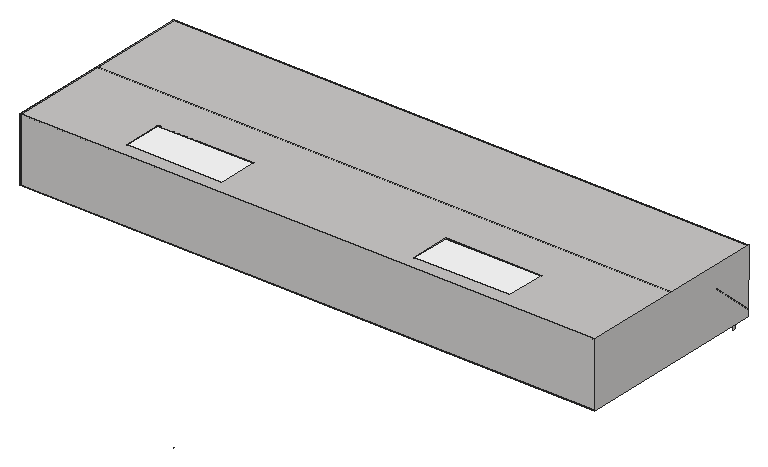
Revit family "QF_ELECTROLUXPROFESSIONAL_640194_EPF1236", category Specialty Equipment, Revit 2014
Reference planes
  plane 1: z = 0
  plane 2 "Center (Left/Right)": x = 150
  plane 3 "LEFT": x = -1650
  plane 4 "RIGHT": x = 1950
  plane 5 "BACK": y = 550
  plane 6 "TOP": z = 2400
  plane 7 "Base": z = 2000
  plane 8: z = 1970
  plane 9 "DrainY": y = 450
  plane 10: x = -1647
  plane 11: y = -320
  plane 12: y = -570
  plane 13 "DrainX": x = 1937
  plane 14 "AOLeft2": x = -450
  plane 15 "AORight1": x = 750
  plane 16: x = 1947
  plane 17: x = -1450
  plane 18: x = 1750
  plane 19 "Center (Front/Back)": y = -50
  plane 20 "Front": y = -650
  plane 21: through (0, -49.6, 2399.19) normal (0, -0.5736, 0.8192)
  plane 22: x = 50
  plane 23: x = 250
  plane 24 "AOLeft1": x = -1050
  plane 25 "AORight2": x = 1350
Forms (mm)
  Extrusion 1, solid, material "QF_Finishes_Stainless Steel"
    sketch origin (-1650, 0, 360) x (0, 1, 0) y (0, 0, 1)
      loop
        line (550, 1640) -> (550, 2040) -> (-650, 2040) -> (-650, 1640) -> (550, 1640)
    from 0 to 3
  Extrusion 2, solid, material "QF_Finishes_Stainless Steel"
    sketch origin (1950, 0, 360) x (0, 1, 0) y (0, 0, 1)
      loop
        line (550, 1640) -> (550, 2040) -> (-650, 2040) -> (-650, 1640) -> (550, 1640)
    from 0 to -3
  Extrusion 3, solid, material "QF_Finishes_Stainless Steel"
    sketch origin (150, 0, 360) x (0, 1, 0) y (0, 0, 1)
      loop
        line (-650, 2040) -> (-650, 1640) -> (-640, 1640) -> (-640, 1640.8) -> (-649.2, 1640.8) -> (-649.2, 2039.19) -> (549.2, 2039.19) -> (549.2, 1640.8) -> (540, 1640.8) -> (540, 1640) -> (550, 1640) -> (550, 2040) -> (-650, 2040)
    from -1800 to 1800
  Extrusion 4, solid, material "QF_Finishes_Stainless Steel"
    sketch origin (0, 0, 2000) x (0, 1, 0) y (-1, 0, 0)
      loop
        circle (450, -1937) r 4.763
    from -30 to 0
  Extrusion 5, void
    sketch origin (0, 0, 2400) x (0, 1, 0) y (-1, 0, 0)
      loop
        line (-320, 450) -> (-320, 1050) -> (-570, 1050) -> (-570, 450) -> (-320, 450)
    from 0 to -10
  Extrusion 6, solid, material "QF_Finishes_Stainless Steel"
    sketch origin (0, 0, 0) x (1, 0, 0) y (0, 1, 0)
      loop
        line (-1650, 550) -> (-1650, 549) -> (-1649, 549) -> (-1649, 550) -> (-1650, 550)
    from 0 to 1
  Extrusion 7, solid, material "QF_Finishes_Stainless Steel"
    sketch origin (150, 0, 360) x (0, 1, 0) y (0, 0, 1)
      loop
        line (-131.515, 1981.832) -> (-134.381, 1985.926) -> (-573.276, 1678.608) -> (-570.553, 1674.415) -> (-131.515, 1981.832)
    from -1600 to -1797
  Extrusion 8, solid, material "QF_Finishes_Stainless Steel"
    sketch origin (150, 0, 360) x (0, 1, 0) y (0, 0, 1)
      loop
        line (-650, 2039.19) -> (-650, 1640) -> (-619.702, 1640) -> (-570.553, 1674.415) -> (-578.723, 1686.995) -> (-579.394, 1686.559) -> (-571.645, 1674.627) -> (-619.955, 1640.8) -> (-649.2, 1640.8) -> (-649.2, 2039.19) -> (-650, 2039.19)
      loop
        line (-49.6, 2039.19) -> (-50.995, 2039.19) -> (-131.319, 1982.947) -> (-139.464, 1994.578) -> (-140.119, 1994.12) -> (-131.515, 1981.832) -> (-49.6, 2039.19)
    from -1797 to 1797
  Extrusion 9, solid, material "QF_Finishes_Stainless Steel"
    sketch origin (150, 0, 360) x (0, 1, 0) y (0, 0, 1)
      loop
        line (-131.515, 1981.832) -> (-134.381, 1985.926) -> (-573.276, 1678.608) -> (-570.553, 1674.415) -> (-131.515, 1981.832)
    from 1797 to 1600
  Extrusion 10, solid, material "QF_Finishes_Stainless Steel"
    sketch origin (150, 0, 360) x (0, 1, 0) y (0, 0, 1)
      loop
        line (-131.515, 1981.832) -> (-134.381, 1985.926) -> (-573.276, 1678.608) -> (-570.553, 1674.415) -> (-131.515, 1981.832)
    from -100 to 100
  Extrusion 11, solid, material "QF_Finished_Chrome"
    sketch origin (150, 0, 360) x (0, 1, 0) y (0, 0, 1)
      loop
        line (-131.515, 1981.832) -> (-134.381, 1985.926) -> (-573.276, 1678.608) -> (-570.553, 1674.415) -> (-131.515, 1981.832)
    from -1600 to -100
  Extrusion 12, solid, material "QF_Finished_Chrome"
    sketch origin (150, 0, 360) x (0, 1, 0) y (0, 0, 1)
      loop
        line (-131.515, 1981.832) -> (-134.381, 1985.926) -> (-573.276, 1678.608) -> (-570.553, 1674.415) -> (-131.515, 1981.832)
    from 100 to 1600
  Sweep 13, solid, material "QF_Finishes_Stainless Steel"
    path origin (0, 0, 0) x (1, 0, 0) y (0, 1, 0)
      loop
        line (1950, 550) -> (-1650, 550) -> (-1650, -650) -> (1950, -650) -> (1950, 550)
    profile origin (1950, -50, 0) x (1, 0, 0) y (0, 0, 1)
      loop
        line (-3, 2000) -> (-3, 2000.8) -> (-19, 2000.8) -> (-19, 2010) -> (-20, 2010) -> (-20, 2000) -> (-3, 2000)
  Extrusion 14, solid, material "QF_Finishes_Stainless Steel"
    sketch origin (150, 0, 0) x (0, 1, 0) y (0, 0, 1)
      loop
        line (549.2, 2040.8) -> (549.2, 2041.877) -> (289.521, 2275.693) -> (-43.438, 2399.19) -> (-45.739, 2399.19) -> (289.099, 2274.996) -> (549.2, 2040.8)
    from -1797 to 1797
  Extrusion 15, void
    sketch origin (1134.605, 0, 2400) x (0, 1, 0) y (-1, 0, 0)
      loop
        line (-320, -215.395) -> (-320, 384.605) -> (-570, 384.605) -> (-570, -215.395) -> (-320, -215.395)
    from 0 to -10
Cuts and joins
  Extrusion 5, Extrusion 15 cuts Extrusion 3
  joined: Extrusion 2, Extrusion 3, Sweep 13
Lines and regions (mm)
  symbolic lines, style "SpecialityEquipment", detail levels coarse
    curve 1: line (1950, 550, 2400) -> (-1650, 550, 2400)
    curve 2: line (-1650, 550, 2400) -> (-1650, -650, 2400)
    curve 3: line (1950, -650, 2400) -> (1950, 550, 2400)
    curve 4: line (-1650, 550, 0) -> (1950, -650, 0)
    curve 5: line (1950, 550, 0) -> (-1650, -650, 0)
    curve 6: line (-1650, -650, 0) -> (1950, -650, 0)
    curve 7: line (-450, -320, 0) -> (-1050, -320, 0)
    curve 8: line (-450, -570, 0) -> (-450, -320, 0)
    curve 9: line (-1050, -570, 0) -> (-450, -570, 0)
    curve 10: line (-1050, -320, 0) -> (-1050, -570, 0)
    curve 11: line (750, -320, 0) -> (750, -570, 0)
    curve 12: line (1350, -320, 0) -> (750, -320, 0)
    curve 13: line (1350, -570, 0) -> (1350, -320, 0)
    curve 14: line (750, -570, 0) -> (1350, -570, 0)
Dimensions and locks
  plane 3 "LEFT" to plane 4 "RIGHT" = 3600 mm
  equal spacing: plane 3 "LEFT", plane 2 "Center (Left/Right)", plane 4 "RIGHT"
  plane 7 "Base" to plane 8 = 30 mm
  plane 5 "BACK" to plane 9 "DrainY" = 100 mm  (x2)
  plane 3 "LEFT" to plane 10 = 3 mm
  plane 13 "DrainX" to plane 4 "RIGHT" = 13 mm
  plane 16 to plane 4 "RIGHT" = 3 mm
  plane 3 "LEFT" to plane 17 = 200 mm
  plane 18 to plane 4 "RIGHT" = 200 mm
  locked: plane 14 "AOLeft2" to plane 15 "AORight1" at 1200
  equal spacing: plane 14 "AOLeft2", plane 2 "Center (Left/Right)", plane 15 "AORight1"
  locked: plane 7 "Base" to level at 2000
  locked: plane 6 "TOP" to plane 7 "Base" at 400
  plane 5 "BACK" to plane 20 "Front" = 1200 mm  (x2)
  equal spacing: plane 5 "BACK", plane 19 "Center (Front/Back)", plane 20 "Front"
  locked: plane 22 to plane 23 at 200
  equal spacing: plane 22, plane 2 "Center (Left/Right)", plane 23
  plane 12 to plane 20 "Front" = 80 mm
  locked: plane 11 to plane 12 at 250
  locked: plane 24 "AOLeft1" to plane 14 "AOLeft2" at 600
  locked: plane 15 "AORight1" to plane 25 "AORight2" at 600
  aligned and locked: level to plane 1
  aligned and locked: plane 4 "RIGHT" to Extrusion 3
  aligned and locked: Extrusion 3 to plane 3 "LEFT"
  aligned and locked: Extrusion 5 to plane 12
  aligned and locked: Extrusion 5 to plane 11
  aligned and locked: Extrusion 7 to plane 10
  aligned and locked: Extrusion 7 to plane 17
  aligned and locked: Extrusion 2 to plane 16
  aligned and locked: plane 16 to Extrusion 9
  aligned and locked: plane 18 to Extrusion 9
  aligned and locked: plane 23 to Extrusion 10
  aligned and locked: Extrusion 10 to plane 22
  aligned and locked: plane 22 to Extrusion 11
  aligned and locked: Extrusion 11 to plane 17
  aligned and locked: Extrusion 12 to plane 23
  aligned and locked: Extrusion 12 to plane 18
  aligned and locked: Extrusion 14 to plane 10
  aligned and locked: plane 16 to Extrusion 14
  aligned and locked: Extrusion 8 to plane 10
  aligned and locked: plane 16 to Extrusion 8
  aligned and locked: Extrusion 5 to plane 24 "AOLeft1"
  aligned and locked: Extrusion 5 to plane 14 "AOLeft2"
  aligned and locked: plane 25 "AORight2" to Extrusion 15
  aligned and locked: plane 15 "AORight1" to Extrusion 15
Automatic sketch dimensions
  Extrusion 1 sketch curve to plane 7 "Base" = 0 mm
  Extrusion 1 sketch curve to plane 20 "Front" = 0 mm
  Extrusion 1 sketch curve to plane 5 "BACK" = 0 mm
  Extrusion 1 sketch curve to plane 6 "TOP" = 0 mm
  Extrusion 2 sketch curve to plane 7 "Base" = 0 mm
  Extrusion 2 sketch curve to plane 20 "Front" = 0 mm
  Extrusion 2 sketch curve to plane 5 "BACK" = 0 mm
  Extrusion 2 sketch curve to plane 6 "TOP" = 0 mm
  Extrusion 3 sketch curve to plane 6 "TOP" = 0 mm
  Extrusion 3 sketch curve to plane 20 "Front" = 0 mm
  Extrusion 3 sketch curve to plane 7 "Base" = 0 mm  (x2)
  Extrusion 3 sketch curve to plane 5 "BACK" = 0 mm
  plane 20 "Front" to Extrusion 3 sketch curve = 0.8 mm
  Extrusion 3 sketch curve to Extrusion 3 sketch curve = 9.2 mm
  plane 7 "Base" to Extrusion 3 sketch curve = 0.8 mm  (x2)
  Extrusion 3 sketch curve to plane 5 "BACK" = 10 mm
  Extrusion 3 sketch curve to plane 5 "BACK" = 0.8 mm
  Extrusion 3 sketch curve to plane 6 "TOP" = 0.81 mm
  Extrusion 4 sketch curve to plane 9 "DrainY" = 0 mm
  Extrusion 4 sketch curve to plane 13 "DrainX" = 0 mm
  Extrusion 5 sketch curve to plane 12 = 0 mm
  plane 11 to Extrusion 5 sketch curve = 0 mm
  Extrusion 5 sketch curve to plane 14 "AOLeft2" = 0 mm
  Extrusion 5 sketch curve to plane 24 "AOLeft1" = 0 mm
  Extrusion 6 sketch curve to plane 3 "LEFT" = 0 mm
  Extrusion 6 sketch curve to plane 5 "BACK" = 0 mm
  plane 3 "LEFT" to Extrusion 6 sketch curve = 1 mm
  Extrusion 6 sketch curve to Extrusion 6 sketch curve = 1 mm
  Extrusion 7 sketch curve to plane 21 = 0 mm  (x2)
  Extrusion 7 sketch curve to plane 12 = 3.276 mm
  Extrusion 7 sketch curve to plane 12 = 0.553 mm
  Extrusion 7 sketch curve to plane 6 "TOP" = 54.074 mm
  Extrusion 7 sketch curve to plane 19 "Center (Front/Back)" = 84.381 mm
  Extrusion 8 sketch curve to plane 20 "Front" = 0 mm
  Extrusion 8 sketch curve to plane 7 "Base" = 0 mm
  Extrusion 8 sketch curve to plane 21 = 0 mm  (x4)
  plane 20 "Front" to Extrusion 8 sketch curve = 0.8 mm
  Extrusion 8 sketch curve to Extrusion 8 sketch curve = 0.252 mm
  Extrusion 8 sketch curve to plane 12 = 9.394 mm
  Extrusion 8 sketch curve to Extrusion 8 sketch curve = 0.671 mm
  Extrusion 8 sketch curve to plane 12 = 1.645 mm
  Extrusion 8 sketch curve to plane 12 = 0.553 mm
  Extrusion 8 sketch curve to plane 6 "TOP" = 45.88 mm
  Extrusion 8 sketch curve to plane 19 "Center (Front/Back)" = 90.119 mm
  Extrusion 8 sketch curve to plane 6 "TOP" = 45.422 mm
  Extrusion 8 sketch curve to plane 6 "TOP" = 57.053 mm
  Extrusion 8 sketch curve to plane 6 "TOP" = 0.81 mm  (x2)
  plane 7 "Base" to Extrusion 8 sketch curve = 0.8 mm
  Extrusion 8 sketch curve to Extrusion 8 sketch curve = 0.212 mm
  Extrusion 9 sketch curve to plane 21 = 0 mm  (x2)
  Extrusion 9 sketch curve to plane 12 = 3.276 mm
  Extrusion 9 sketch curve to plane 12 = 0.553 mm
  Extrusion 9 sketch curve to plane 6 "TOP" = 54.074 mm
  Extrusion 9 sketch curve to plane 19 "Center (Front/Back)" = 84.381 mm
  Extrusion 10 sketch curve to plane 21 = 0 mm  (x2)
  Extrusion 10 sketch curve to plane 12 = 3.276 mm
  Extrusion 10 sketch curve to plane 12 = 0.553 mm
  Extrusion 10 sketch curve to plane 6 "TOP" = 54.074 mm
  Extrusion 10 sketch curve to plane 19 "Center (Front/Back)" = 84.381 mm
  Extrusion 11 sketch curve to plane 21 = 0 mm  (x2)
  Extrusion 11 sketch curve to plane 12 = 3.276 mm
  Extrusion 11 sketch curve to plane 12 = 0.553 mm
  Extrusion 11 sketch curve to plane 6 "TOP" = 54.074 mm
  Extrusion 11 sketch curve to plane 19 "Center (Front/Back)" = 84.381 mm
  Extrusion 12 sketch curve to plane 21 = 0 mm  (x2)
  Extrusion 12 sketch curve to plane 12 = 3.276 mm
  Extrusion 12 sketch curve to plane 12 = 0.553 mm
  Extrusion 12 sketch curve to plane 6 "TOP" = 54.074 mm
  Extrusion 12 sketch curve to plane 19 "Center (Front/Back)" = 84.381 mm
  Sweep 13 sketch curve to plane 3 "LEFT" = 0 mm
  Sweep 13 sketch curve to plane 4 "RIGHT" = 0 mm
  Sweep 13 sketch curve to plane 20 "Front" = 0 mm
  Sweep 13 sketch curve to plane 5 "BACK" = 0 mm
  profile plane to Sweep 13 sketch curve = 20 mm
  Sweep 13 sketch curve to Sweep 13 sketch curve = 1 mm
  profile plane to Sweep 13 sketch curve = 3 mm
  level to Sweep 13 sketch curve = 2000 mm
  Sweep 13 sketch curve to Sweep 13 sketch curve = 0.8 mm
  Sweep 13 sketch curve to Sweep 13 sketch curve = 9.2 mm
  Extrusion 14 sketch curve to plane 6 "TOP" = 0.81 mm  (x2)
  plane 19 "Center (Front/Back)" to Extrusion 14 sketch curve = 6.562 mm
  Extrusion 14 sketch curve to plane 9 "DrainY" = 160.901 mm
  Extrusion 14 sketch curve to Extrusion 14 sketch curve = 0.422 mm
  Extrusion 14 sketch curve to plane 5 "BACK" = 0.8 mm
  Extrusion 14 sketch curve to plane 6 "TOP" = 124.307 mm
  Extrusion 14 sketch curve to Extrusion 14 sketch curve = 0.697 mm
  plane 7 "Base" to Extrusion 14 sketch curve = 41.877 mm
  Extrusion 14 sketch curve to Extrusion 14 sketch curve = 1.077 mm
  Extrusion 14 sketch curve to Extrusion 14 sketch curve = 2.3 mm
  Extrusion 15 sketch curve to plane 12 = 0 mm
  plane 11 to Extrusion 15 sketch curve = 0 mm
  Extrusion 15 sketch curve to plane 15 "AORight1" = 600 mm
  plane 23 to Extrusion 15 sketch curve = 500 mm
  curve 5 to plane 3 "LEFT" = 0 mm
  curve 4 to plane 3 "LEFT" = 0 mm
  curve 6 to plane 20 "Front" = 0 mm
  curve 5 to plane 4 "RIGHT" = 0 mm
  curve 6 to plane 4 "RIGHT" = 0 mm
  curve 5 to plane 5 "BACK" = 0 mm
  curve 4 to plane 5 "BACK" = 0 mm
  curve 2 to plane 3 "LEFT" = 0 mm
  curve 2 to plane 20 "Front" = 0 mm
  curve 3 to plane 4 "RIGHT" = 0 mm
  curve 3 to plane 20 "Front" = 0 mm
  curve 2 to plane 5 "BACK" = 0 mm
  plane 11 to curve 7 = 0 mm
  curve 7 to plane 24 "AOLeft1" = 0 mm
  curve 8 to plane 12 = 0 mm
  curve 8 to plane 14 "AOLeft2" = 0 mm
  plane 11 to curve 11 = 0 mm
  curve 11 to plane 15 "AORight1" = 0 mm
  curve 12 to plane 25 "AORight2" = 0 mm
  curve 13 to plane 12 = 0 mm
  radius of Extrusion 4 sketch curve = 4.763 mm
Connectors
  piping at (1937, 450, 1970), diameter 9.5
    settings: on Extrusion 4, index 1, connector inside diameter 609.6 mm, connector length 0 mm, flow factor 0, pipe flow 0.0 L/s, pressure drop 0.0 Pa, fitting loss kfactor 0, connector angle 0.00°, fixture units 0, engagement length 0 mm, angle of deflection 0.00°, flow configuration 1, flow direction 2, fitting loss method 0, system type 16, joint type 0, gender type 0, connector reference index -1, connector utility 0, adjustable connector no, is connector primary yes, connector description "Drain"
  hvac at (-750, -445, 2400)
    settings: on Extrusion 5, index 2, duct flow 0.0 L/s, flow factor 0, pres drop 0.0 Pa, loss coef 0, conn angle 0.00°, conn width 250 mm, conn height 600 mm, conn diameter 609.6 mm, duct sys type 3, conn prof type 1, flow config 1, flow direction 2, loss method 0, conn ref index -1, conn util no, is conn primary yes, conn desc "EXHAUST OUTLET"
  hvac at (1050, -445, 2400)
    settings: on Extrusion 15, index 3, duct flow 0.0 L/s, flow factor 0, pres drop 0.0 Pa, loss coef 0, conn angle 0.00°, conn width 250 mm, conn height 600 mm, conn diameter 609.6 mm, duct sys type 3, conn prof type 1, flow config 1, flow direction 2, loss method 0, conn ref index -1, conn util no, is conn primary no, conn desc "EXHAUST OUTLET"
